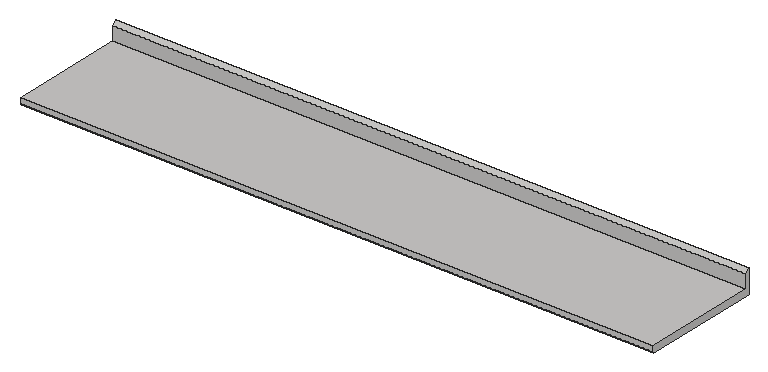
Revit family "QF_ELECTROLUXPROFESSIONAL_121175_TPLA37A", category Attrezzature speciali, Revit 2020
Family settings
  Quota connettore circolare = Usa diametro
  Tipo di parte = Normale
  Basato su piano di lavoro = No
  Sempre verticale = Sì
  Taglio con vuoti quando caricato = No
  Condiviso = No
  Punto di calcolo locali = No
Parameters (values of type "Standard")
  Weight = 117.00 kg
  Watts = 0 W
  Volts = 0 V
  URL Manufacturer = "https://www.electroluxprofessional.com/"
  URL = "https://www.electroluxprofessional.com/"
  Steam Supply Size = 0 mm
  Steam Supply Minimum Pressure = 0.0 Pa
  Steam Supply Maximum Pressure = 0.0 Pa
  Steam Consumption per Hour = 0
  Refrigeration Suction Line Size = 0.0 mm
  Refrigeration Liquid Line Size = 0.0 mm
  Refrigerant Compressor Remote = yes
  Prospetto di default = 0.0 mm
  Phase = 0
  Modello = "TPLA37A"
  Produttore = "Electrolux Professional"
  Length Actual = 3700.0 mm  # constant formula
  Item Number = "121175"
  Hot Water Size = 0 mm
  Height Actual = 140.0 mm  # constant formula
  HP = "0 HP"
  Gas Size = 0 mm
  Gas KW = 0
  Gas Input Pressure = 0 W
  Direct Waste Size = 0 mm
  Descrizione = "WORK TOP WITH UPSTAND 3700MM"
  Depth Actual = 700.0 mm  # constant formula
  Cycle = 0 Hz
  Condensate Return Size = 0 mm
  Compressed Air Volume = 0.0 L/s
  Compressed Air Size = 0 mm
  Compressed Air Pressure = 0.0 Pa
  Cold Water Size = 0 mm
  Accessory = yes
Reference planes
  plane 1 "Center (Front/Back)": y = 0
  plane 2: z = 0
  plane 3 "Center (Left/Right)": x = -1350
  plane 4 "LEFT": x = -3200
  plane 5 "RIGHT": x = 500
  plane 6 "BACK": y = 350
  plane 7 "FRONT": y = -350
  plane 8 "TOP": z = 1000
  plane 9: z = 900
  plane 10: z = 860
Forms (mm)
  Extrusion 1, solid, material "QF_Finishes_Stainless Steel"
    sketch origin (-1350, 0, 0) x (0, 1, 0) y (0, 0, 1)
      loop
        line (350, 1000) -> (330, 980) -> (330, 900) -> (-350, 900) -> (-350, 870) -> (-340, 860) -> (350, 860) -> (350, 1000)
    from 1850 to -1850
Lines and regions (mm)
  symbolic lines
    curve 1: line (500, 350, 1000) -> (-3200, 350, 1000)
    curve 2: line (-3200, 350, 1000) -> (-3200, -350, 1000)
    curve 3: line (-3200, -350, 1000) -> (500, -350, 1000)
    curve 4: line (500, -350, 1000) -> (500, 350, 1000)
    curve 5: line (-3200, 330, 1000) -> (500, 330, 1000)
Dimensions and locks
  plane 4 "LEFT" to plane 5 "RIGHT" = 3700.0 mm
  equal spacing: plane 4 "LEFT", plane 3 "Center (Left/Right)", plane 5 "RIGHT"
  plane 6 "BACK" to plane 7 "FRONT" = 700.0 mm
  equal spacing: plane 6 "BACK", plane 1 "Center (Front/Back)", plane 7 "FRONT"
  locked: plane 8 "TOP" to plane 9 at 100
  locked: plane 6 "BACK" to Extrusion 1 sketch curve at 20
  plane 10 to level = 860.0 mm
  plane 8 "TOP" to plane 10 = 140.0 mm
  aligned and locked: level to plane 2
  aligned and locked: Extrusion 1 to plane 4 "LEFT"
  aligned and locked: plane 5 "RIGHT" to Extrusion 1
  aligned and locked: curve 2 to plane 4 "LEFT"
  aligned and locked: Extrusion 1 sketch curve to plane 9
  aligned and locked: Extrusion 1 sketch curve to plane 6 "BACK"
  aligned and locked: plane 7 "FRONT" to Extrusion 1 sketch curve
  aligned and locked: plane 10 to Extrusion 1 sketch curve
Automatic sketch dimensions
  curve 3 to plane 7 "FRONT" = 0.0 mm
  curve 4 to plane 5 "RIGHT" = 0.0 mm
  curve 4 to plane 6 "BACK" = 0.0 mm
  curve 5 to plane 6 "BACK" = 20.0 mm
  Extrusion 1 sketch curve to plane 8 "TOP" = 0.0 mm
  Extrusion 1 sketch curve to plane 8 "TOP" = 20.0 mm
  plane 7 "FRONT" to Extrusion 1 sketch curve = 10.0 mm
  level to Extrusion 1 sketch curve = 870.0 mm
